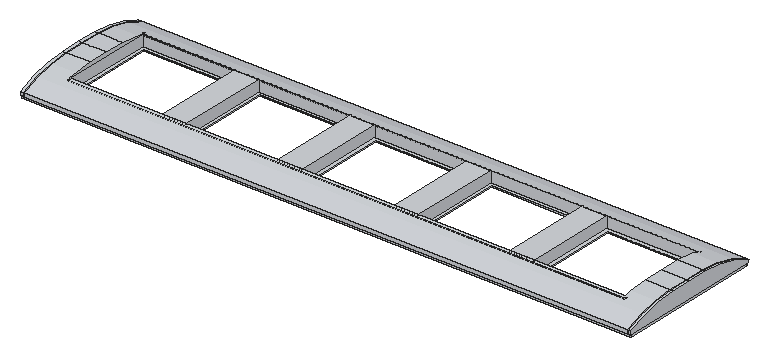
Revit family "Gira_0215771", category Electrical Fixtures, host Face, Revit 2017
Family settings
  Host = Face
  Maintain Annotation Orientation = No
  Round Connector Dimension = Use Diameter
  Part Type = Normal
  Cut with Voids When Loaded = No
  Shared = No
  Room Calculation Point = No
Parameters (values of type "Abdeckrahmen 5f Zwischenr. CW Gira Event Klar Sand")
  Werkstoffgüte = "Thermoplast"
  Werkstoff = "Kunststoff"
  URL = "http://katalog.gira.de/de_DE/datenblatt.html?artikelnr=0215771"
  Transparent = "No"
  Textfeld/Beschriftungsfläche = "No"
  Schutzart (IP) = "IP20"
  Region = "DE"
  Oberfläche = "sonstige"
  Name = "Abdeckrahmen 5f Zwischenr. CW Gira Event Klar Sand"
  Montagerichtung = "horizontal und vertikal"
  Mit Montagerahmen = "No"
  Mit Klappdeckel = "No"
  Manufacturer URL = "https://www.gira.de/"
  Keynote = "Event_Rahmen_5fach"
  HeinzeBIM = "https://bimportal.heinze.de/bim/abdeckrahmen-5f-zwischenr-cw-gira-event-klar-sand/d51668fedcf0df8d97f774fa6f6cce058d0b3c8f"
  Halogenfrei = "Yes"
  HAN = "0215771"
  Geeignet für Unterputz-Installation = "Yes"
  Geeignet für Unterflurkanaldose = "No"
  Geeignet für Geräteeinbaukanal = "No"
  Geeignet für Einbauinstallation = "No"
  GTIN = "4010337069522"
  Farbe = "sonstige"
  Default Elevation = 1219.2 mm
  Data sheet (1) = "https://katalog.gira.de/de_DE/download.html?artikelnr=0215771"
  Category = "Abdeckrahmen"
  Befestigungsart = "Klemmbefestigung"
  Available = "Yes"
  Ausführung der Oberfläche = "glänzend"
  Anzahl der Einheiten vertikal = "5 "
  Anzahl der Einheiten horizontal = "5 "
  Anzahl der Einheiten = "5 "
Reference planes
  plane 1 "Center (Front/Back)": y = 0
  plane 2: z = 0
  plane 3 "Center (Left/Right)": x = 0
Forms (mm)
  Extrusion 1, solid, detail levels fine
    sketch origin (0, 0, 0.05) x (0, 1, 0) y (0, 0, 1)
      loop
        arc (12.445, 9.683) -> (6.223, 9.833) -> (0, 9.85) r 291.636
        arc (0, 9.85) -> (-6.223, 9.833) -> (-12.445, 9.683) r 291.636
        arc (-12.445, 9.683) -> (-29.14, 7.482) -> (-45, 1.823) r 79.728
        line (-45, 1.823) -> (-45, -0.05) -> (-42.086, -0.05)
        arc (-42.086, -0.05) -> (-21.385, 5.559) -> (0, 7.206) r 114.424
        arc (0, 7.206) -> (21.385, 5.559) -> (42.086, -0.05) r 114.424
        line (42.086, -0.05) -> (45, -0.05) -> (45, 1.823)
        arc (45, 1.823) -> (29.14, 7.482) -> (12.445, 9.683) r 79.728
    from -185.578 to 185.593
  Extrusion 2, void, detail levels fine
    sketch origin (0, 0, 0) x (1, 0, 0) y (0, 1, 0)
      loop
        line (170.607, 28) -> (-170.593, 28) -> (-170.593, -28) -> (170.607, -28) -> (170.607, 28)
    from 0.724 to 11
  Extrusion 3, solid, detail levels coarse
    sketch origin (0, 0, 0) x (1, 0, 0) y (0, 1, 0)
      loop
        line (-187.578, 45) -> (-187.578, -45) -> (187.593, -45) -> (187.593, 45) -> (-187.578, 45)
    from -1.5 to 9.9
  Extrusion 4, solid, detail levels medium
    sketch origin (0, 0, 0.05) x (0, 1, 0) y (0, 0, 1)
      loop
        arc (12.445, 9.683) -> (6.223, 9.833) -> (0, 9.85) r 291.636
        arc (0, 9.85) -> (-6.223, 9.833) -> (-12.445, 9.683) r 291.636
        arc (-12.445, 9.683) -> (-29.14, 7.482) -> (-45, 1.823) r 79.728
        line (-45, 1.823) -> (-45, -0.05) -> (45, -0.05) -> (45, 1.823)
        arc (45, 1.823) -> (29.14, 7.482) -> (12.445, 9.683) r 79.728
    from -187.578 to 187.593
  Extrusion 5, solid, detail levels fine
    sketch origin (-142.578, 0, -1.5) x (0, 1, 0) y (0, 0, -1)
      loop
        line (45, -3.373) -> (45, -1.5) -> (-45, -1.5) -> (-45, -3.373)
        arc (-45, -3.373) -> (-29.14, -9.032) -> (-12.445, -11.233) r 79.728
        arc (-12.445, -11.233) -> (-6.223, -11.383) -> (0, -11.4) r 291.636
        arc (0, -11.4) -> (6.223, -11.383) -> (12.445, -11.233) r 291.636
        arc (12.445, -11.233) -> (29.14, -9.032) -> (45, -3.373) r 79.728
    from 43 to 45
  Extrusion 6, solid, detail levels fine
    sketch origin (0, 0, 0) x (1, 0, 0) y (0, 1, 0)
      loop
        line (-168.493, 25.7) -> (-168.493, -25.7) -> (-116.693, -25.7) -> (-116.693, 25.7) -> (-168.493, 25.7)
      loop
        line (-45.398, -25.7) -> (-45.398, 25.7) -> (-97.198, 25.7) -> (-97.198, -25.7) -> (-45.398, -25.7)
      loop
        line (-171.487, 28.49) -> (-171.487, -28.495)
        spline (-171.487, -28.495) -> (-171.479, -28.625) -> (-171.453, -28.754) -> (-171.411, -28.878) -> (-171.353, -28.995) -> (-171.281, -29.104) -> (-171.194, -29.202) -> (-171.096, -29.288) -> (-170.987, -29.361) -> (-170.87, -29.419) -> (-170.746, -29.461) -> (-170.618, -29.486) -> (-170.487, -29.495)
        line (-170.487, -29.495) -> (170.502, -29.495)
        spline (170.502, -29.495) -> (170.633, -29.486) -> (170.761, -29.461) -> (170.885, -29.419) -> (171.002, -29.361) -> (171.111, -29.288) -> (171.209, -29.202) -> (171.296, -29.104) -> (171.368, -28.995) -> (171.426, -28.878) -> (171.468, -28.754) -> (171.494, -28.625) -> (171.502, -28.495)
        line (171.502, -28.495) -> (171.502, 28.49)
        spline (171.502, 28.49) -> (171.494, 28.62) -> (171.468, 28.748) -> (171.426, 28.872) -> (171.368, 28.99) -> (171.296, 29.098) -> (171.209, 29.197) -> (171.111, 29.283) -> (171.002, 29.356) -> (170.885, 29.413) -> (170.761, 29.456) -> (170.633, 29.481) -> (170.502, 29.49)
        line (170.502, 29.49) -> (-170.487, 29.49)
        spline (-170.487, 29.49) -> (-170.618, 29.481) -> (-170.746, 29.456) -> (-170.87, 29.413) -> (-170.987, 29.356) -> (-171.096, 29.283) -> (-171.194, 29.197) -> (-171.281, 29.098) -> (-171.353, 28.99) -> (-171.411, 28.872) -> (-171.453, 28.748) -> (-171.479, 28.62) -> (-171.487, 28.49)
      loop
        line (25.902, -25.7) -> (25.902, 25.7) -> (-25.898, 25.7) -> (-25.898, -25.7) -> (25.902, -25.7)
      loop
        line (97.207, -25.7) -> (97.207, 25.7) -> (45.407, 25.7) -> (45.407, -25.7) -> (97.207, -25.7)
      loop
        line (168.507, -25.7) -> (168.507, 25.7) -> (116.707, 25.7) -> (116.707, -25.7) -> (168.507, -25.7)
    from 0.1 to 7.3
  Extrusion 7, solid
    sketch origin (0, 0, 0) x (1, 0, 0) y (0, 1, 0)
      loop
        arc (-187.293, -44.218) -> (-187.146, -44.572) -> (-186.793, -44.718) r 0.5
        line (-186.793, -44.718) -> (186.807, -44.718)
        arc (186.807, -44.718) -> (187.161, -44.572) -> (187.307, -44.218) r 0.5
        line (187.307, -44.218) -> (187.307, 44.182)
        arc (187.307, 44.182) -> (187.161, 44.535) -> (186.807, 44.682) r 0.5
        line (186.807, 44.682) -> (-186.793, 44.682)
        arc (-186.793, 44.682) -> (-187.146, 44.535) -> (-187.293, 44.182) r 0.5
        line (-187.293, 44.182) -> (-187.293, -44.218)
      loop
        line (-185.593, 42.982) -> (-185.593, -43.018) -> (185.607, -43.018) -> (185.607, 42.982) -> (-185.593, 42.982)
    from -1.5 to 0.5
  Extrusion 8, solid, detail levels fine
    sketch origin (142.593, 0, -1.5) x (0, 1, 0) y (0, 0, 1)
      loop
        arc (45, 3.373) -> (29.14, 9.032) -> (12.445, 11.233) r 79.728
        arc (12.445, 11.233) -> (6.223, 11.383) -> (0, 11.4) r 291.636
        arc (0, 11.4) -> (-6.223, 11.383) -> (-12.445, 11.233) r 291.636
        arc (-12.445, 11.233) -> (-29.14, 9.032) -> (-45, 3.373) r 79.728
        line (-45, 3.373) -> (-45, 1.5) -> (45, 1.5) -> (45, 3.373)
    from 43 to 45
  Extrusion 9, solid, detail levels medium
    sketch origin (0, 0, 0) x (1, 0, 0) y (0, 1, 0)
      loop
        line (-187.293, -44.718) -> (187.307, -44.718) -> (187.307, 44.682) -> (-187.293, 44.682) -> (-187.293, -44.718)
    from -1.5 to 0.5
  Extrusion 10, solid, detail levels fine
    sketch origin (-105.5, 0, 0) x (1, 0, 0) y (0, 1, 0)
      loop
        line (-8.943, 28.063) -> (-8.943, -27.937) -> (6.057, -27.937) -> (6.057, 28.063) -> (-8.943, 28.063)
    from 0.724 to 7.566
  Extrusion 11, solid, detail levels fine
    sketch origin (-37.085, 0, 0) x (-1, 0, 0) y (0, -1, 0)
      loop
        line (-8.943, -28.063) -> (6.057, -28.063) -> (6.057, 27.937) -> (-8.943, 27.937) -> (-8.943, -28.063)
    from 0.724 to 7.566
  Extrusion 12, solid, detail levels fine
    sketch origin (105.5, 0, 0) x (-1, 0, 0) y (0, -1, 0)
      loop
        line (-8.943, -28.063) -> (6.057, -28.063) -> (6.057, 27.937) -> (-8.943, 27.937) -> (-8.943, -28.063)
    from 0.724 to 7.566
  Extrusion 13, solid, detail levels fine
    sketch origin (37.085, 0, 0) x (1, 0, 0) y (0, 1, 0)
      loop
        line (-8.943, 28.063) -> (-8.943, -27.937) -> (6.057, -27.937) -> (6.057, 28.063) -> (-8.943, 28.063)
    from 0.724 to 7.566
Cuts and joins
  Extrusion 2 cuts Extrusion 1
  Extrusion 2 cuts Extrusion 6
Dimensions and locks
  aligned and locked: plane 2 to host face
  aligned and locked: level to host face
